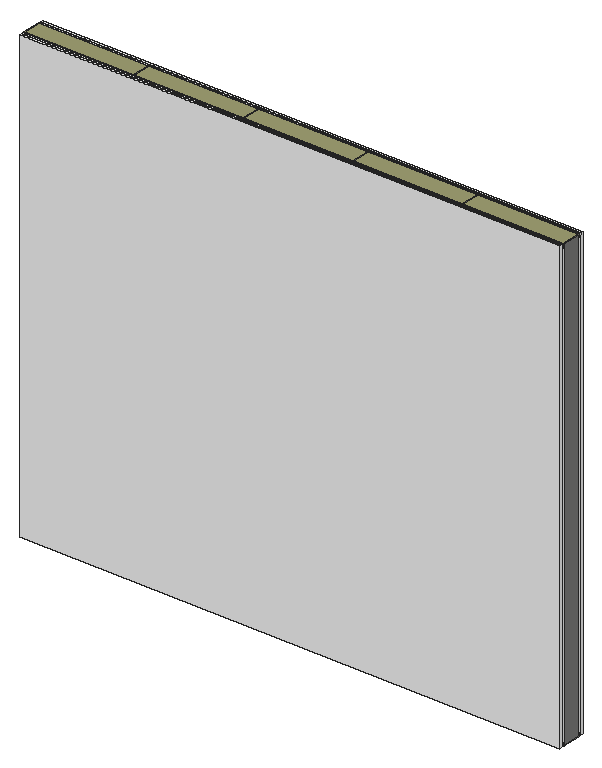
Revit family "NoiseBREAK (R3.1)", category Structural Stiffeners, Revit 2020
Family settings
  OmniClass Number = 23.25.30.11.27
  OmniClass Title = Vibration and Earthquake Controls
  Cut with Voids When Loaded = No
  Shared = No
Parameters (values of type "R3.1 - NoiseBREAK")
  URL = "www.ecowool.com.my"
  U-Value W/m2k = 0 mm
  U Value Report = ""
  Typical weight of ECOWOOL-Kg/M2 = 0 mm
  Type of Insulation = "Glass Mineral Wool Blanket with vapour barrier"
  Total System Thickness-mm = 110 mm
  Thermal R Value = 3.1
  Thermal K Value = 0.0342
  SubW [instance] = roundup([built-in parameter 1001306] / 609 mm) * 609 mm  # 3045 mm
  SubL [instance] = if([built-in parameter 1001306] > 1218 mm, No Insulation * 609 mm, if([built-in parameter 1001306] > 609 mm, 609 mm, if([built-in parameter 1001306] > 0 mm, 0 mm, No Insulation * 609 mm))) + 1 mm  # 2437 mm
  Remarks = ""
  No Metal Stud [instance] = ([built-in parameter 1001306] / [Metal Stud Spacer (mm)])  # 5
  No Insulation [instance] = roundup(SubW / 609 mm) - 1  # 4
  Model = "NoiseBREAK"
  Metal Stud Width = [Insulation Thickness (mm)]  # 110 mm
  Metal Stud Spacer (mm) = 609 mm
  Material Specification = ""
  Manufacturer = "PGF Insulation Sdn. Bhd."
  built-in parameter 1001306 [instance] = 3000 mm
  Insulation Length (mm) = 609 mm
  Insulation Thickness (mm) = 110 mm
  Installation and Workmanship- Same for all the system = ""
  Height Wall (mm) = 2500 mm
  Handling and Storage- Same for all system = ""
  Gypsum Thickness (mm) = 12.5 mm
  Finish = NoiseBREAK
  FAQ- Same for all System = ""
  ECOWOOL Product thickness in mm = "110mm x 24kg/m3"
  Description = "Ecowool NoiseBREAK is semi-rigid or rigid slabs of non-combustible, water repellent, glass mineral wool. They are designed to suit internal walls and ceiling of residential, commercial and industrial buildings. Excellent thermal, acoustic and fire safety performance."
  Density = 24.00 kg/m³
  AutoCad Drawing = ""
Reference planes
  plane 1 "Center (Front/Back)": y = -12.5
  plane 2: z = 0
  plane 3 "Left": x = 0
  plane 4 "Right": x = 3000
  plane 5: z = 2500
  plane 6: x = 2437
  plane 7: x = 3046
Forms (mm)
  Extrusion 1, solid, material "NoiseBREAK" <- "Finish"
    sketch origin (0, 0, 0) x (1, 0, 0) y (0, 1, 0)
      loop
        line (2437, 42.5) -> (2437, -67.5) -> (3046, -67.5) -> (3046, 42.5) -> (2437, 42.5)
    from 0 to 2500
  Extrusion 2, void
    sketch origin (0, 0, 0) x (1, 0, 0) y (0, 1, 0)
      loop
        line (2999, 42.5) -> (2999, -67.5) -> (3046, -67.5) -> (3046, 42.5) -> (2999, 42.5)
    from -45.694 to 2779.923
Cuts and joins
  Extrusion 2 cuts Extrusion 1
Lines and regions (mm)
  reference lines
    curve 1: line (0, -12.5, 0) -> (3000, -12.5, 0)
Dimensions and locks
  "built-in parameter 1001306": plane 3 "Left" to plane 4 "Right"
  "Height Wall (mm)": plane 5 to level
  equal spacing: group 1, group 2, group 3, group 4, group 5  (x3)
  "Metal Stud Spacer (mm)": plane 3 "Left" to nested 3
  "SubL": plane 3 "Left" to plane 6
  locked: plane 6 to plane 7 at 609
  equal spacing: Extrusion 1 sketch curve, plane 1 "Center (Front/Back)", Extrusion 1 sketch curve
  "Insulation Thickness (mm)": Extrusion 1 sketch curve to Extrusion 1 sketch curve
  equal spacing: Extrusion 1, plane 1 "Center (Front/Back)", Extrusion 2 sketch curve
  "Insulation Thickness (mm)": Extrusion 2 sketch curve to Extrusion 2 sketch curve
  locked: Extrusion 2 sketch curve to plane 4 "Right" at 1
  plane 4 "Right" to plane 7 = 46 mm
  plane 6 to plane 4 "Right" = 563 mm
  equal spacing: group 6, group 7, group 8, group 9  (x3)
  equal spacing: Extrusion 2 sketch curve, Extrusion 2 sketch curve, nested 1
  aligned and locked: plane 4 "Right" to curve 1
  aligned and locked: plane 1 "Center (Front/Back)" to curve 1
  aligned and locked: plane 3 "Left" to curve 1
  aligned and locked: plane 3 "Left" to nested 1
  aligned and locked: plane 4 "Right" to nested 1
  aligned and locked: plane 5 to nested 2
  aligned and locked: plane 3 "Left" to nested 6
  aligned and locked: nested 8 to plane 4 "Right"
  aligned and locked: plane 1 "Center (Front/Back)" to nested 1
  aligned and locked: plane 1 "Center (Front/Back)" to nested 2
  aligned and locked: plane 1 "Center (Front/Back)" to nested 6
  aligned and locked: nested 8 to plane 1 "Center (Front/Back)"
  aligned and locked: nested 10 to nested 2
  aligned and locked: plane 1 "Center (Front/Back)" to nested 10
  aligned and locked: plane 7 to Extrusion 1 sketch curve
  aligned and locked: Extrusion 1 sketch curve to plane 6
  aligned and locked: plane 5 to Extrusion 1
  aligned and locked: Extrusion 1 to level
Automatic sketch dimensions
  Extrusion 2 sketch curve to plane 7 = 0 mm
Nested families
  nested 1: "Gypsum Plasterboard" at (0, -12.5, 0), type "Gypsum Plasterboard"
    with built-in parameter 1001306 3000 mm, Insulation Width 110 mm
  nested 2: "Metal Stud" at (0, -12.5, 0), type "Metal Stud"
    with Metal Stud Width 110 mm
  nested 3: "Metal Stud" at (609, -12.5, 0), type "Metal Stud"
    with Metal Stud Width 110 mm
  nested 4: "Metal Stud" at (1218, -12.5, 0), type "Metal Stud"
    with Metal Stud Width 110 mm
  nested 5: "Metal Stud" at (1827, -12.5, 0), type "Metal Stud"
    with Metal Stud Width 110 mm
  nested 6: "Metal Runner" at (0, -12.5, 0), type "Metal Runner"
    with Metal Runner Width 110 mm, Length Metal Runner 3000 mm
  nested 7: "Metal Runner" at (0, -12.5, 2500) x (1, 0, 0) z (0, 0, -1), type "Metal Runner"
    with Metal Runner Width 110 mm, Length Metal Runner 3000 mm
  nested 8: "Metal Stud" at (3000, -12.5, 0) x (-1, 0, 0) z (0, 0, 1), type "Metal Stud"
    with Metal Stud Width 110 mm
  nested 9: "Metal Stud" at (2436, -12.5, 0), type "Metal Stud"
    with Metal Stud Width 110 mm
  nested 10: "Insulation Brownie" at (1, -12.5, 0), type "Insulation Brownie"
    with Thickness Insulation 110 mm
  nested 11: "Insulation Brownie" at (610, -12.5, 0), type "Insulation Brownie"
    with Thickness Insulation 110 mm
  nested 12: "Insulation Brownie" at (1219, -12.5, 0), type "Insulation Brownie"
    with Thickness Insulation 110 mm
  nested 13: "Insulation Brownie" at (1828, -12.5, 0), type "Insulation Brownie"
    with Thickness Insulation 110 mm
Definition of nested family "Gypsum Plasterboard"
  Parameters (values of type "Gypsum Plasterboard")
    Manufacturer = "Rockwool"
    built-in parameter 1001306 [instance] = 1200 mm
    Insulation Width = 50 mm
    Height Wall = 2500 mm
    Gypsum Thickness = 12.5 mm
    Description = "Double layers wall system - Rigislab 5020"
  Reference planes
    plane 1 "Center (Front/Back)": y = 0
    plane 2: z = 0
    plane 3 "Left": x = 0
    plane 4 "Right": x = 1200
    plane 5: y = 25
    plane 6: y = -25
    plane 7: z = 2500
  Forms (mm)
    Sweep 1, solid
      path origin (0, 0, 0) x (1, 0, 0) y (0, 1, 0)
        loop
          line (0, 0) -> (1200, 0)
      profile origin (600, 0, 0) x (0, 1, 0) y (0, 0, 1)
        loop
          line (-25, 2500) -> (-37.5, 2500) -> (-37.5, 0) -> (-25, 0) -> (-25, 2500)
    Sweep 2, solid
      path origin (0, -12.5, 0) x (1, 0, 0) y (0, 1, 0)
        loop
          line (0, 0) -> (1200, 0)
      profile origin (600, -12.5, 0) x (0, 1, 0) y (0, 0, 1)
        loop
          line (-25, 2500) -> (-37.5, 2500) -> (-37.5, 0) -> (-25, 0) -> (-25, 2500)
    Sweep 3, solid
      path origin (0, 0, 0) x (1, 0, 0) y (0, -1, 0)
        loop
          line (0, 0) -> (1200, 0)
      profile origin (600, 0, 0) x (0, 1, 0) y (0, 0, 1)
        loop
          line (25, 2500) -> (25, 0) -> (37.5, 0) -> (37.5, 2500) -> (25, 2500)
    Sweep 4, solid
      path origin (0, 12.5, 0) x (1, 0, 0) y (0, -1, 0)
        loop
          line (0, 0) -> (1200, 0)
      profile origin (600, 12.5, 0) x (0, 1, 0) y (0, 0, 1)
        loop
          line (25, 2500) -> (25, 0) -> (37.5, 0) -> (37.5, 2500) -> (25, 2500)
  Lines and regions (mm)
    reference lines
      curve 1: line (0, 0, 0) -> (1200, 0, 0)
  Dimensions and locks
    "built-in parameter 1001306": plane 3 "Left" to plane 4 "Right"
    "Insulation Width": plane 6 to plane 5
    "built-in parameter 1001306": Sweep 1 sketch curve to Sweep 1 sketch curve
    "Gypsum Thickness": Sweep 1 sketch curve to Sweep 1 sketch curve
    "Height Wall": level to plane 7
    "built-in parameter 1001306": Sweep 2 sketch curve to Sweep 2 sketch curve
    "Gypsum Thickness": Sweep 2 sketch curve to Sweep 2 sketch curve
    "built-in parameter 1001306": Sweep 3 sketch curve to Sweep 3 sketch curve
    "Gypsum Thickness": Sweep 3 sketch curve to Sweep 3 sketch curve
    "built-in parameter 1001306": Sweep 4 sketch curve to Sweep 4 sketch curve
    "Gypsum Thickness": Sweep 4 sketch curve to Sweep 4 sketch curve
    equal spacing: plane 6, plane 1 "Center (Front/Back)", plane 5
    aligned and locked: plane 4 "Right" to curve 1
    aligned and locked: plane 1 "Center (Front/Back)" to curve 1
    aligned and locked: plane 3 "Left" to curve 1
    aligned and locked: Sweep 1 sketch curve to plane 6
    aligned and locked: Sweep 1 sketch curve to plane 7
    aligned and locked: Sweep 1 to Sweep 2
    aligned and locked: Sweep 4 to Sweep 3
    aligned and locked: plane 5 to Sweep 3
    aligned and locked: Sweep 4 to Sweep 4
    aligned and locked: plane 7 to Sweep 2 sketch curve
    aligned and locked: Sweep 3 sketch curve to plane 7
    aligned and locked: Sweep 4 sketch curve to plane 7
  Automatic sketch dimensions
    plane 1 "Center (Front/Back)" to Sweep 1 sketch curve = 0 mm
    Sweep 1 sketch curve to plane 3 "Left" = 0 mm
    Sweep 1 sketch curve to level = 0 mm
    Sweep 2 sketch curve to plane 3 "Left" = 0 mm
    plane 1 "Center (Front/Back)" to Sweep 2 sketch curve = 12.5 mm
    Sweep 2 sketch curve to level = 0 mm
    profile plane to Sweep 2 sketch curve = 37.5 mm
    plane 1 "Center (Front/Back)" to Sweep 3 sketch curve = 0 mm
    Sweep 3 sketch curve to plane 3 "Left" = 0 mm
    Sweep 3 sketch curve to level = 0 mm
    Sweep 3 sketch curve to profile plane = 25 mm
    Sweep 4 sketch curve to plane 3 "Left" = 0 mm
    plane 1 "Center (Front/Back)" to Sweep 4 sketch curve = 12.5 mm
    Sweep 4 sketch curve to level = 0 mm
    Sweep 4 sketch curve to profile plane = 25 mm
Definition of nested family "Metal Stud"
  Parameters (values of type "Metal Stud")
    Metal Stud Width = 50 mm
    Height = 2500 mm
  Reference planes
    plane 1 "Center (Front/Back)": y = 0
    plane 2: z = 0
    plane 3 "Center (Left/Right)": x = 0
    plane 4 "Center L/S": y = 25
    plane 5 "Center L/T": y = -25
    plane 6: z = 1
    plane 7: z = 2500
    plane 8: z = 2499
  Forms (mm)
    Extrusion 1, solid
      sketch origin (0, 0, 0) x (1, 0, 0) y (0, 1, 0)
        loop
          line (0, 25) -> (0, -25) -> (20, -25) -> (20, -24) -> (1, -24) -> (1, 24) -> (20, 24) -> (20, 25) -> (0, 25)
      from 1 to 2499
  Dimensions and locks
    Extrusion 1 sketch curve to Extrusion 1 sketch curve = 1 mm  (x3)
    locked: plane 8 to plane 7 at 1
    plane 1 "Center (Front/Back)" to Extrusion 1 = 25 mm
    "Height": plane 7 to level
    "Metal Stud Width": plane 5 "Center L/T" to plane 4 "Center L/S"
    equal spacing: plane 5 "Center L/T", plane 1 "Center (Front/Back)", plane 4 "Center L/S"
    locked: plane 6 to plane 2 at 1
    aligned and locked: plane 4 "Center L/S" to Extrusion 1
    aligned and locked: plane 5 "Center L/T" to Extrusion 1
    aligned and locked: plane 3 "Center (Left/Right)" to Extrusion 1
    aligned and locked: Extrusion 1 to plane 6
    aligned and locked: plane 8 to Extrusion 1
  Automatic sketch dimensions
    Extrusion 1 sketch curve to plane 3 "Center (Left/Right)" = 0 mm
    plane 4 "Center L/S" to Extrusion 1 sketch curve = 0 mm
    plane 5 "Center L/T" to Extrusion 1 sketch curve = 0 mm
    Extrusion 1 sketch curve to Extrusion 1 sketch curve = 19 mm  (x2)
Definition of nested family "Metal Runner"
  Parameters (values of type "Metal Runner")
    Metal Runner Width = 48 mm
    Length Metal Runner = 2460 mm
    Default Elevation = 1219.2 mm
  Reference planes
    plane 1 "Center (Front/Back)": y = 0
    plane 2: z = 0
    plane 3 "Center (Left/Right)": x = 0
    plane 4 "Center L/S": y = 24
    plane 5 "Center L/T": y = -24
  Forms (mm)
    Extrusion 1, solid
      sketch origin (0, 0, 0) x (0, 1, 0) y (0, 0, 1)
        loop
          line (24, 0) -> (24, 20) -> (23, 20) -> (23, 1) -> (-23, 1) -> (-23, 20) -> (-24, 20) -> (-24, 0) -> (24, 0)
      from 0 to 2460
  Dimensions and locks
    "Metal Runner Width": plane 5 "Center L/T" to plane 4 "Center L/S"
    equal spacing: plane 5 "Center L/T", plane 1 "Center (Front/Back)", plane 4 "Center L/S"
    Extrusion 1 sketch curve to Extrusion 1 sketch curve = 1 mm  (x3)
    "Length Metal Runner": Extrusion 1 to Extrusion 1
    aligned and locked: plane 4 "Center L/S" to Extrusion 1 sketch curve
    aligned and locked: Extrusion 1 sketch curve to level
    aligned and locked: plane 5 "Center L/T" to Extrusion 1 sketch curve
  Automatic sketch dimensions
    Extrusion 1 sketch curve to Extrusion 1 sketch curve = 19 mm  (x2)
Definition of nested family "Insulation Brownie"
  Parameters (values of type "Insulation Brownie")
    Thickness Insulation = 75 mm
    Length of Insulation = 609 mm
    Height of Insulation = 2500 mm
    Finish = none
  Reference planes
    plane 1 "Center (Front/Back)": y = 0
    plane 2: z = 0
    plane 3 "Center (Left/Right)": x = 0
    plane 4: z = 2500
    plane 5: y = 37.5
    plane 6: y = -37.5
  Forms (mm)
    Sweep 1, solid, material <- "Finish"
      path origin (0, 0, 0) x (1, 0, 0) y (0, 1, 0)
        loop
          line (0, 0) -> (609, 0)
      profile origin (304.5, 0, 0) x (0, 1, 0) y (0, 0, 1)
        loop
          line (37.5, 2500) -> (-37.5, 2500) -> (-37.5, 0) -> (37.5, 0) -> (37.5, 2500)
  Dimensions and locks
    "Length of Insulation": Sweep 1 sketch curve to Sweep 1 sketch curve
    "Height of Insulation": plane 4 to level
    equal spacing: plane 5, plane 1 "Center (Front/Back)", plane 6
    "Thickness Insulation": plane 5 to plane 6
    aligned and locked: plane 3 "Center (Left/Right)" to Sweep 1 sketch curve
    aligned and locked: plane 5 to Sweep 1 sketch curve
    aligned and locked: Sweep 1 sketch curve to plane 6
  Automatic sketch dimensions
    plane 1 "Center (Front/Back)" to Sweep 1 sketch curve = 0 mm
    Sweep 1 sketch curve to level = 0 mm
    Sweep 1 sketch curve to plane 4 = 0 mm
